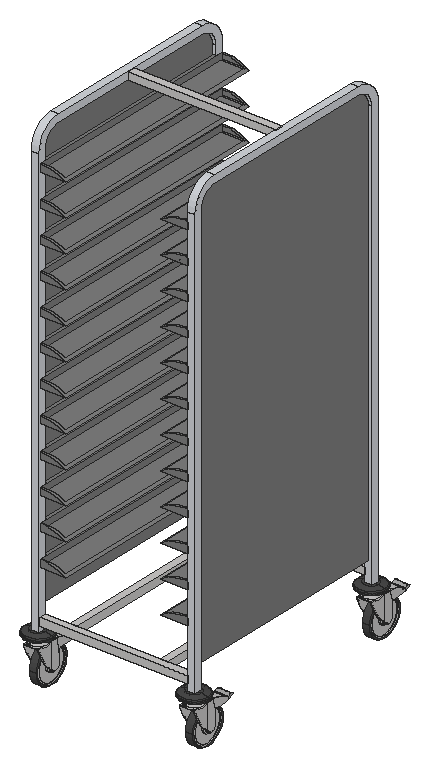
Revit family "QF_BOURGEAT_chariot_cafeteria_dos_a_dos_plateaux_self_gris", category Equipement spécialisé, Revit 2015
Parameters (values of type "chariot_modele_haut_glissieres_grises_avec_2panneaux_gris")
  panneaux_lateraux_gris = yes
  lg [instance] = 548 mm
  URL catalogue = "http://www.bourgeat.fr"
  URL = ""
  Type article = ""
  Spécification du Fabricant = "CHARIOT CAFETERIA"
  Profondeur hors tout = 840 mm
  Poids net à vide = 31.00 kg
  Modèle = "785906"
  Longueur hors tout = 620 mm
  Hauteur hors tout = 1700 mm
  Fabricant = "BOURGEAT"
  Contact SAV = "0033(0)4.76.32.14.44"
  Charge max = 60.00 kg
Types (3, lengths in mm): name | panneaux_lateraux_gris | Poids net à vide | Modèle
  (no name) | yes | 31.00 kg | "785906"
  chariot_modele_haut_glissieres_grise_sans_panneaux | no | 22.50 kg | "785406"
  chariot_modele_haut_glissieres_grises_avec_2panneaux_gris | yes | 31.00 kg | "785906"
Reference planes
  plane 1 "Centre (avant/arrière)": y = 0
  plane 2: z = 0
  plane 3 "Centre (gauche/droite)": x = 0
  plane 4: z = 227.8
  plane 5: z = 182
  plane 6: z = 202.8
  plane 7: y = 12.5
  plane 8: y = -12.5
  plane 9: x = 274
  plane 10: x = -274
  plane 11: z = 1570
  plane 12: z = 1462
  plane 13: z = 1354
  plane 14: z = 1246
  plane 15: z = 1138
  plane 16: z = 1030
  plane 17: z = 922
  plane 18: z = 814
  plane 19: z = 706
  plane 20: z = 598
  plane 21: z = 490
  plane 22: z = 382
  plane 23: z = 1674
  plane 24: y = -371
  plane 25: y = 371
  plane 26: y = 152
  plane 27: y = -358.5
  plane 28: y = -383.5
  plane 29: x = -249
  plane 30: x = 249
Forms (mm)
  Extrusion 1, solid, material "Acier inoxydable, brossé"
    sketch origin (0, 109.5, 0) x (0, 1, 0) y (0, 0, 1)
      loop
        line (-493, 227.8) -> (-493, 202.8) -> (-468, 202.8) -> (-468, 227.8) -> (-493, 227.8)
      loop
        line (249, 202.8) -> (274, 202.8) -> (274, 227.8) -> (249, 227.8) -> (249, 202.8)
    from -249 to 249
  Extrusion 2, solid, material "Acier inoxydable, brossé"
    sketch origin (0, 0, 0) x (0, 1, 0) y (0, 0, 1)
      loop
        line (-12.5, 1703) -> (-12.5, 1678) -> (12.5, 1678) -> (12.5, 1703) -> (-12.5, 1703)
    from -249 to 249
  Extrusion 3, solid, material "Acier inoxydable, brossé"
    sketch origin (-25, 0, 0) x (1, 0, 0) y (0, 0, 1)
      loop
        line (-139.5, 202.8) -> (-114.5, 202.8) -> (-114.5, 227.8) -> (-139.5, 227.8) -> (-139.5, 202.8)
      loop
        line (164.5, 227.8) -> (164.5, 202.8) -> (189.5, 202.8) -> (189.5, 227.8) -> (164.5, 227.8)
    from -358.5 to 358.5
Dimensions and locks
  plane 4 to plane 6 = 25 mm
  Extrusion 2 to plane 2 = 1703 mm
  plane 4 to plane 2 = 227.8 mm
  Extrusion 2 to plane 4 = 1475.2 mm
  plane 10 to plane 3 "Centre (gauche/droite)" = 274 mm  (x2)
  equal spacing: group 1, group 2, group 3, group 4, group 5, group 6, group 7, group 8, group 9, group 10, group 11, group 12  (x2)
  equal spacing: group 12, group 11, group 10, group 9, group 8, group 7, group 6, group 5, group 4, group 3, group 2, group 1
  plane 3 "Centre (gauche/droite)" to plane 9 = 274 mm
  aligned and locked: level to plane 2
  aligned and locked: plane 6 to Extrusion 1 sketch curve
  aligned and locked: Extrusion 1 sketch curve to plane 6
  aligned and locked: Extrusion 2 sketch curve to plane 8
  aligned and locked: Extrusion 2 sketch curve to plane 7
  aligned and locked: plane 5 to nested 5
  aligned and locked: plane 5 to nested 6
  aligned and locked: plane 9 to nested 6
  aligned and locked: plane 10 to nested 5
  aligned and locked: nested 2 to nested 5
  aligned and locked: nested 1 to nested 5
  aligned and locked: nested 3 to nested 6
  aligned and locked: nested 4 to nested 6
  aligned and locked: Extrusion 3 sketch curve to plane 4
  aligned and locked: plane 4 to Extrusion 3 sketch curve
  aligned and locked: Extrusion 3 sketch curve to plane 6
  aligned and locked: Extrusion 1 sketch curve to plane 4
  aligned and locked: plane 24 to nested 3
  aligned and locked: plane 24 to nested 2
  aligned and locked: nested 1 to plane 25
  aligned and locked: plane 25 to nested 4
  aligned and locked: Extrusion 1 to nested 5  (x2)
  aligned and locked: Extrusion 3 to Extrusion 1  (x2)
  aligned and locked: plane 11 to nested 7
  aligned and locked: nested 7 to plane 29
  aligned and locked: nested 8 to plane 29
  aligned and locked: nested 9 to plane 29
  aligned and locked: nested 10 to plane 29
  aligned and locked: nested 11 to plane 29
  aligned and locked: nested 31 to plane 1 "Centre (avant/arrière)"
  aligned and locked: nested 32 to plane 1 "Centre (avant/arrière)"
  aligned and locked: nested 31 to nested 7
  aligned and locked: nested 19 to nested 32
  aligned and locked: plane 23 to nested 32
  aligned and locked: plane 23 to nested 31
  aligned and locked: plane 30 to nested 19
  aligned and locked: plane 30 to nested 20
  aligned and locked: plane 30 to nested 21
  aligned and locked: plane 30 to nested 22
  aligned and locked: plane 30 to nested 23
  aligned and locked: plane 30 to nested 24
  aligned and locked: plane 30 to nested 6
  aligned and locked: plane 29 to nested 5
  aligned and locked: Extrusion 2 to nested 5
  aligned and locked: nested 6 to Extrusion 2
Automatic sketch dimensions
  Extrusion 1 sketch curve to plane 28 = 0 mm
  Extrusion 1 sketch curve to plane 27 = 0 mm
  Extrusion 1 sketch curve to plane 4 = 0 mm
  Extrusion 1 sketch curve to plane 25 = 12.5 mm
  plane 25 to Extrusion 1 sketch curve = 12.5 mm
  plane 23 to Extrusion 2 sketch curve = 4 mm
  Extrusion 2 sketch curve to Extrusion 2 sketch curve = 25 mm
  Extrusion 3 sketch curve to plane 6 = 0 mm
  Extrusion 3 sketch curve to plane 9 = 134.5 mm
  Extrusion 3 sketch curve to Extrusion 3 sketch curve = 25 mm  (x2)
  Extrusion 3 sketch curve to plane 10 = 134.5 mm
Nested families
  nested 1: "ROULETTE_H182" at (-261.5, 371, 0), type "ROULETTE_H182"
    with Sans frein yes, Avec frein yes
  nested 2: "ROULETTE_H182" at (-261.5, -371, 0), type "ROULETTE_H182"
    with Sans frein yes, Avec frein yes
  nested 3: "ROULETTE_H182" at (261.5, -371, 0), type "ROULETTE_H182"
    with Sans frein yes, Avec frein yes
  nested 4: "ROULETTE_H182" at (261.5, 371, 0), type "ROULETTE_H182"
    with Sans frein yes, Avec frein yes
  nested 5: "montant_U_modele_dos_a_dos" at (-261.5, 0, 182) x (0, 1, 0) z (0, 0, 1), type "montant_U_modele_dos_a_dos"
  nested 6: "montant_U_modele_dos_a_dos" at (261.5, 0, 182) x (0, 1, 0) z (0, 0, 1), type "montant_U_modele_dos_a_dos"
  nested 7: "glissiere_polypropylene_gris_lg763" at (-259, 0, 1565), type "glissiere_polypropylene_gris_lg763"
  nested 8: "glissiere_polypropylene_gris_lg763" at (-259, 0, 1457), type "glissiere_polypropylene_gris_lg763"
  nested 9: "glissiere_polypropylene_gris_lg763" at (-259, 0, 1349), type "glissiere_polypropylene_gris_lg763"
  nested 10: "glissiere_polypropylene_gris_lg763" at (-259, 0, 1241), type "glissiere_polypropylene_gris_lg763"
  nested 11: "glissiere_polypropylene_gris_lg763" at (-259, 0, 1133), type "glissiere_polypropylene_gris_lg763"
  nested 12: "glissiere_polypropylene_gris_lg763" at (-259, 0, 1025), type "glissiere_polypropylene_gris_lg763"
  nested 13: "glissiere_polypropylene_gris_lg763" at (-259, 0, 917), type "glissiere_polypropylene_gris_lg763"
  nested 14: "glissiere_polypropylene_gris_lg763" at (-259, 0, 809), type "glissiere_polypropylene_gris_lg763"
  nested 15: "glissiere_polypropylene_gris_lg763" at (-259, 0, 701), type "glissiere_polypropylene_gris_lg763"
  nested 16: "glissiere_polypropylene_gris_lg763" at (-259, 0, 593), type "glissiere_polypropylene_gris_lg763"
  nested 17: "glissiere_polypropylene_gris_lg763" at (-259, 0, 485), type "glissiere_polypropylene_gris_lg763"
  nested 18: "glissiere_polypropylene_gris_lg763" at (-259, 0, 377), type "glissiere_polypropylene_gris_lg763"
  nested 19: "glissiere_polypropylene_gris_lg763" at (259, 0, 1565) x (-1, 0, 0) z (0, 0, 1), type "glissiere_polypropylene_gris_lg763"
  nested 20: "glissiere_polypropylene_gris_lg763" at (259, 0, 1457) x (-1, 0, 0) z (0, 0, 1), type "glissiere_polypropylene_gris_lg763"
  nested 21: "glissiere_polypropylene_gris_lg763" at (259, 0, 1349) x (-1, 0, 0) z (0, 0, 1), type "glissiere_polypropylene_gris_lg763"
  nested 22: "glissiere_polypropylene_gris_lg763" at (259, 0, 1241) x (-1, 0, 0) z (0, 0, 1), type "glissiere_polypropylene_gris_lg763"
  nested 23: "glissiere_polypropylene_gris_lg763" at (259, 0, 1133) x (-1, 0, 0) z (0, 0, 1), type "glissiere_polypropylene_gris_lg763"
  nested 24: "glissiere_polypropylene_gris_lg763" at (259, 0, 1025) x (-1, 0, 0) z (0, 0, 1), type "glissiere_polypropylene_gris_lg763"
  nested 25: "glissiere_polypropylene_gris_lg763" at (259, 0, 917) x (-1, 0, 0) z (0, 0, 1), type "glissiere_polypropylene_gris_lg763"
  nested 26: "glissiere_polypropylene_gris_lg763" at (259, 0, 809) x (-1, 0, 0) z (0, 0, 1), type "glissiere_polypropylene_gris_lg763"
  nested 27: "glissiere_polypropylene_gris_lg763" at (259, 0, 701) x (-1, 0, 0) z (0, 0, 1), type "glissiere_polypropylene_gris_lg763"
  nested 28: "glissiere_polypropylene_gris_lg763" at (259, 0, 593) x (-1, 0, 0) z (0, 0, 1), type "glissiere_polypropylene_gris_lg763"
  nested 29: "glissiere_polypropylene_gris_lg763" at (259, 0, 485) x (-1, 0, 0) z (0, 0, 1), type "glissiere_polypropylene_gris_lg763"
  nested 30: "glissiere_polypropylene_gris_lg763" at (259, 0, 377) x (-1, 0, 0) z (0, 0, 1), type "glissiere_polypropylene_gris_lg763"
  nested 31: "panneaux_lateraux_gris_grand_modele" at (-263, 0, 254) x (0, 1, 0) z (0, 0, 1), type "panneaux_lateraux_gris_grand_modele"
  nested 32: "panneaux_lateraux_gris_grand_modele" at (259, 0, 254) x (0, 1, 0) z (0, 0, 1), type "panneaux_lateraux_gris_grand_modele"
Definition of nested family "ROULETTE_H182"
  Parameters (values of type "ROULETTE_H182")
    Sans frein [instance] = yes
    Avec frein [instance] = yes
  Reference planes
    plane 1 "Centre (avant/arrière)": y = 0
    plane 2: z = 0
    plane 3 "Centre (gauche/droite)": x = 0
    plane 4: y = 40.851
    plane 5: z = 62.5
  Forms (mm)
    Extrusion 1, solid
      sketch origin (0, 0, 0) x (0, 1, 0) y (0, 0, 1)
        loop
          circle (40.851, 62.5) r 62.5
        loop
          circle (40.851, 62.5) r 57.5
      from -12.5 to 12.5
    Revolve 2, solid
      sketch origin (0, 0, 30.333) x (1, 0, 0) y (0, 0, 1)
        loop
          line (0, 151.667) -> (-25, 151.667) -> (-45.338, 146.217)
          arc (-45.338, 146.217) -> (-46.897, 145.175) -> (-47.5, 143.4) r 2.917
          line (-47.5, 143.4) -> (-47.5, 138.833)
          arc (-47.5, 138.833) -> (-47.012, 137.655) -> (-45.833, 137.167) r 1.667
          line (-45.833, 137.167) -> (-24.607, 137.167) -> (-24, 132.667) -> (0, 132.667) -> (0, 151.667)
        axis (0, 151.667) -> (0, 132.667)
      angle from 0 to 360
    Revolve 3, solid
      sketch origin (0, 0, 0) x (0, 1, 0) y (0, 0, 1)
        loop
          line (0, 163) -> (-20.149, 163) -> (-20.149, 159.41) -> (-21.6, 159.41)
          arc (-21.6, 159.41) -> (-24.448, 158.65) -> (-26.537, 156.572) r 5.712
          line (-26.537, 156.572) -> (-30.146, 147.743) -> (-26.999, 147.062) -> (-26.999, 146.112)
          arc (-26.999, 146.112) -> (-27.23, 145.314) -> (-27.849, 144.761) r 1.5
          arc (-27.849, 144.761) -> (-29.223, 143.633) -> (-29.923, 142) r 3.75
          line (-29.923, 142) -> (0, 142) -> (0, 163)
        axis (0, 163) -> (0, 142)
      angle from 0 to 360
    Extrusion 4, solid
      sketch origin (0, 0, 0) x (0, 1, 0) y (0, 0, -1)
        loop
          line (-29.974, -138.241) -> (-29.974, -142) -> (21.747, -142) -> (21.747, -60.336)
          arc (21.747, -60.336) -> (10.272, -70.702) -> (-0.149, -82.127) r 160.057
          arc (-0.149, -82.127) -> (-17.883, -108.684) -> (-29.974, -138.241) r 159.585
      from -24.913 to -23.038
    Extrusion 5, solid
      sketch origin (0, 0, 0) x (0, 1, 0) y (0, 0, 1)
        loop
          line (-29.974, 142) -> (-29.974, 140.869) -> (21.747, 140.869) -> (21.747, 142) -> (-29.974, 142)
      from -23.038 to 23.038
    Extrusion 6, solid
      sketch origin (0, 0, 0) x (0, 1, 0) y (0, 0, 1)
        loop
          circle (40.851, 62.5) r 57.5
        loop
          circle (40.851, 62.5) r 55
      from -12.5 to 12.5
    Extrusion 7, solid
      sketch origin (0, 0, 0) x (0, 1, 0) y (0, 0, 1)
        loop
          circle (40.851, 62.5) r 55
      from -7 to 7
    Extrusion 8, solid
      sketch origin (0, 0, 0) x (0, 1, 0) y (0, 0, 1)
        loop
          circle (40.851, 62.5) r 21
      from 7 to 15
    Extrusion 9, solid
      sketch origin (0, 0, 0) x (0, 1, 0) y (0, 0, -1)
        loop
          circle (40.851, -62.5) r 16
      from -23.038 to -15
    Extrusion 10, solid, visible <- "Sans frein"
      sketch origin (0, 0, 0) x (0, 1, 0) y (0, 0, 1)
        loop
          arc (21.747, 60.336) -> (23.188, 59.17) -> (24.642, 58.02) r 161.23
          arc (24.642, 58.02) -> (29.34, 54.513) -> (34.187, 51.216) r 133.333
          arc (34.187, 51.216) -> (46.517, 50.3) -> (53.927, 60.198) r 12.867
          arc (53.927, 60.198) -> (54.714, 99.183) -> (46.119, 137.216) r 161.222
          arc (46.119, 137.216) -> (45.679, 138.887) -> (45.531, 140.609) r 10.076
          line (45.531, 140.609) -> (45.531, 142) -> (21.747, 142) -> (21.747, 60.336)
      from 23.038 to 24.913
    Extrusion 11, solid, visible <- "Sans frein"
      sketch origin (0, 0, 0) x (0, 1, 0) y (0, 0, 1)
        loop
          line (21.747, 142) -> (21.747, 140.701) -> (48.851, 140.701) -> (48.851, 142) -> (21.747, 142)
      from -23.038 to 23.038
    Extrusion 12, solid, visible <- "Avec frein"
      sketch origin (0, 0, 0) x (0, 1, 0) y (0, 0, 1)
        loop
          line (21.747, 142) -> (21.747, 60.336)
          arc (21.747, 60.336) -> (23.177, 59.179) -> (24.62, 58.038) r 160.008
          arc (24.62, 58.038) -> (29.041, 54.705) -> (33.574, 51.527) r 160
          arc (33.574, 51.527) -> (46.135, 50.422) -> (53.724, 60.491) r 13
          arc (53.724, 60.491) -> (55.279, 82.092) -> (53.902, 103.704) r 160
          arc (53.902, 103.704) -> (55.53, 108.653) -> (60.415, 110.463) r 6
          arc (60.415, 110.463) -> (80.625, 109.924) -> (100.725, 112.107) r 150
          arc (100.725, 112.107) -> (104.408, 113.406) -> (107.479, 115.819) r 12
          line (107.479, 115.819) -> (110.851, 121.523)
          arc (110.851, 121.523) -> (85.913, 134.651) -> (58.706, 142) r 127.902
          line (58.706, 142) -> (21.747, 142)
      from 23.038 to 24.913
    Extrusion 13, solid, visible <- "Avec frein"
      sketch origin (0, 0, 0) x (0, 1, 0) y (0, 0, 1)
        loop
          line (58.706, 142) -> (21.747, 142) -> (21.747, 140) -> (58.552, 140)
          arc (58.552, 140) -> (85.253, 132.762) -> (109.73, 119.866) r 125.902
          line (109.73, 119.866) -> (110.851, 121.523)
          arc (110.851, 121.523) -> (85.913, 134.651) -> (58.706, 142) r 127.902
      from -23.038 to 23.038
    Extrusion 14, solid, visible <- "Avec frein"
      sketch origin (0, 19.896, 18.175) x (0, 1, 0) y (0, 0, 1)
        loop
          line (87.583, 97.644) -> (91.829, 95.227)
          arc (91.829, 95.227) -> (93.8, 95.006) -> (95.312, 96.29) r 2.5
          arc (95.312, 96.29) -> (103.495, 100.002) -> (111.176, 104.666) r 74.999
          line (111.176, 104.666) -> (110.852, 105.929)
          arc (110.852, 105.929) -> (110.04, 107.086) -> (108.666, 107.417) r 2
          arc (108.666, 107.417) -> (101.396, 105.849) -> (94.512, 103.034) r 42.354
          line (94.512, 103.034) -> (93.479, 101.228) -> (93.285, 100.414) -> (91.69, 101.675) -> (90.401, 102.412) -> (87.583, 97.644)
      from -23.038 to 23.038
    Extrusion 15, solid, not visible
      sketch origin (0, 0, 0) x (0, 1, 0) y (0, 0, -1)
        loop
          line (-29.974, -138.241) -> (-29.974, -142) -> (21.747, -142) -> (21.747, -60.336)
          arc (21.747, -60.336) -> (10.272, -70.702) -> (-0.149, -82.127) r 160.057
          arc (-0.149, -82.127) -> (-17.883, -108.684) -> (-29.974, -138.241) r 159.585
      from -24.913 to -23.038
    Extrusion 16, solid, not visible
      sketch origin (0, 0, 0) x (0, 1, 0) y (0, 0, 1)
        loop
          circle (40.851, 62.5) r 21
      from 7 to 15
    Extrusion 17, solid, not visible
      sketch origin (0, 0, 0) x (0, 1, 0) y (0, 0, -1)
        loop
          circle (40.851, -62.5) r 16
      from -23.038 to -15
    Extrusion 18, solid, visible <- "Sans frein", not visible
      sketch origin (0, 0, 0) x (0, 1, 0) y (0, 0, 1)
        loop
          arc (21.747, 60.336) -> (23.188, 59.17) -> (24.642, 58.02) r 161.23
          arc (24.642, 58.02) -> (29.34, 54.513) -> (34.187, 51.216) r 133.333
          arc (34.187, 51.216) -> (46.517, 50.3) -> (53.927, 60.198) r 12.867
          arc (53.927, 60.198) -> (54.714, 99.183) -> (46.119, 137.216) r 161.222
          arc (46.119, 137.216) -> (45.679, 138.887) -> (45.531, 140.609) r 10.076
          line (45.531, 140.609) -> (45.531, 142) -> (21.747, 142) -> (21.747, 60.336)
      from 23.038 to 24.913
    Extrusion 19, solid, visible <- "Avec frein", not visible
      sketch origin (0, 0, 0) x (0, 1, 0) y (0, 0, 1)
        loop
          line (21.747, 142) -> (21.747, 60.336)
          arc (21.747, 60.336) -> (23.177, 59.179) -> (24.62, 58.038) r 160.008
          arc (24.62, 58.038) -> (29.041, 54.705) -> (33.574, 51.527) r 160
          arc (33.574, 51.527) -> (46.135, 50.422) -> (53.724, 60.491) r 13
          arc (53.724, 60.491) -> (55.279, 82.092) -> (53.902, 103.704) r 160
          arc (53.902, 103.704) -> (55.53, 108.653) -> (60.415, 110.463) r 6
          arc (60.415, 110.463) -> (80.625, 109.924) -> (100.725, 112.107) r 150
          arc (100.725, 112.107) -> (104.408, 113.406) -> (107.479, 115.819) r 12
          line (107.479, 115.819) -> (110.851, 121.523)
          arc (110.851, 121.523) -> (85.913, 134.651) -> (58.706, 142) r 127.902
          line (58.706, 142) -> (21.747, 142)
      from 23.038 to 24.913
    Extrusion 20, solid
      sketch origin (0, 0, 0) x (0, -1, 0) y (0, 0, -1)
        loop
          arc (29.974, -138.241) -> (17.883, -108.684) -> (0.149, -82.127) r 159.585
          arc (0.149, -82.127) -> (-10.272, -70.702) -> (-21.747, -60.336) r 160.057
          line (-21.747, -60.336) -> (-21.747, -142) -> (29.974, -142) -> (29.974, -138.241)
      from -24.913 to -23.038
    Extrusion 21, solid
      sketch origin (0, 0, 0) x (0, -1, 0) y (0, 0, 1)
        loop
          circle (-40.851, 62.5) r 21
      from 7 to 15
    Extrusion 22, solid
      sketch origin (0, 0, 0) x (0, -1, 0) y (0, 0, -1)
        loop
          circle (-40.851, -62.5) r 16
      from -23.038 to -15
    Extrusion 23, solid, visible <- "Sans frein"
      sketch origin (0, 0, 0) x (0, -1, 0) y (0, 0, 1)
        loop
          line (-21.747, 60.336) -> (-21.747, 142) -> (-45.531, 142) -> (-45.531, 140.609)
          arc (-45.531, 140.609) -> (-45.679, 138.887) -> (-46.119, 137.216) r 10.076
          arc (-46.119, 137.216) -> (-54.714, 99.183) -> (-53.927, 60.198) r 161.222
          arc (-53.927, 60.198) -> (-46.517, 50.3) -> (-34.187, 51.216) r 12.867
          arc (-34.187, 51.216) -> (-29.34, 54.513) -> (-24.642, 58.02) r 133.333
          arc (-24.642, 58.02) -> (-23.188, 59.17) -> (-21.747, 60.336) r 161.23
      from 23.038 to 24.913
    Extrusion 24, solid, visible <- "Avec frein"
      sketch origin (0, 0, 0) x (0, -1, 0) y (0, 0, 1)
        loop
          line (-21.747, 142) -> (-58.706, 142)
          arc (-58.706, 142) -> (-85.913, 134.651) -> (-110.851, 121.523) r 127.902
          line (-110.851, 121.523) -> (-107.479, 115.819)
          arc (-107.479, 115.819) -> (-104.408, 113.406) -> (-100.725, 112.107) r 12
          arc (-100.725, 112.107) -> (-80.625, 109.924) -> (-60.415, 110.463) r 150
          arc (-60.415, 110.463) -> (-55.53, 108.653) -> (-53.902, 103.704) r 6
          arc (-53.902, 103.704) -> (-55.279, 82.092) -> (-53.724, 60.491) r 160
          arc (-53.724, 60.491) -> (-46.135, 50.422) -> (-33.574, 51.527) r 13
          arc (-33.574, 51.527) -> (-29.041, 54.705) -> (-24.62, 58.038) r 160
          arc (-24.62, 58.038) -> (-23.177, 59.179) -> (-21.747, 60.336) r 160.008
          line (-21.747, 60.336) -> (-21.747, 142)
      from 23.038 to 24.913
  Dimensions and locks
    aligned and locked: level to plane 2
Definition of nested family "montant_U_modele_dos_a_dos"
  Reference planes
    plane 1 "Centre (avant/arrière)": y = 0
    plane 2: z = 0
    plane 3 "Centre (gauche/droite)": x = 0
    plane 4: z = 1508.5
  Forms (mm)
    Sweep 1, solid
      path origin (0, 0, 0) x (1, 0, 0) y (0, 0, 1)
        loop
          line (-371, 0) -> (-371, 1438.5)
          arc (-371, 1438.5) -> (-350.497, 1487.997) -> (-301, 1508.5) r 70
          line (-301, 1508.5) -> (301, 1508.5)
          arc (301, 1508.5) -> (350.497, 1487.997) -> (371, 1438.5) r 70
          line (371, 1438.5) -> (371, 0)
      profile origin (-371, 0, 719.25) x (-1, 0, 0) y (0, -1, 0)
        loop
          line (-12.5, -12.5) -> (12.5, -12.5) -> (12.5, 12.5) -> (-12.5, 12.5) -> (-12.5, -12.5)
  Dimensions and locks
    plane 4 to plane 2 = 1508.5 mm
    Sweep 1 to Sweep 1 = 767 mm
    Sweep 1 sketch curve to plane 3 "Centre (gauche/droite)" to Sweep 1 sketch curve = 371 mm, 371 mm
    aligned and locked: level to plane 2
Definition of nested family "glissiere_polypropylene_gris_lg763"
  Reference planes
    plane 1 "Centre (avant/arrière)": y = 0
    plane 2: z = 0
    plane 3 "Centre (gauche/droite)": x = 0
    plane 4: z = 25
    plane 5: x = 100
    plane 6: x = 22
    plane 7: y = 381.5
    plane 8: y = -381.5
    plane 9: x = 15
    plane 10: y = -376.5
    plane 11: z = 5
    plane 12: y = 376.5
    plane 13: y = 356.5
    plane 14: y = -356.5
    plane 15: x = 10
  Forms (mm)
    Extrusion 1, solid
      sketch origin (0, 0, 0) x (1, 0, 0) y (0, 0, 1)
        loop
          line (0, 25) -> (0, 0) -> (100, 0)
          arc (100, 0) -> (62.954, 18.597) -> (22, 25) r 134.18
          line (22, 25) -> (0, 25)
      from -381.5 to 381.5
    Extrusion 2, void
      sketch origin (0, 0, 0) x (0, 1, 0) y (0, 0, 1)
        loop
          line (-373, 5) -> (373, 5)
          arc (373, 5) -> (375.475, 6.025) -> (376.5, 8.5) r 3.5
          line (376.5, 8.5) -> (376.5, 43.902) -> (-376.5, 43.902) -> (-376.5, 8.5)
          arc (-376.5, 8.5) -> (-375.475, 6.025) -> (-373, 5) r 3.5
      from 15 to 250
    Extrusion 3, void
      sketch origin (0, 0, 0) x (1, 0, 0) y (0, 1, 0)
        loop
          line (10, 356.5) -> (10, 416.378) -> (-26.988, 416.378) -> (-26.988, 356.5) -> (10, 356.5)
        loop
          line (10, -356.5) -> (-17.716, -356.5) -> (-17.716, -427.759) -> (10, -427.759) -> (10, -356.5)
      from -29.595 to 250
  Cuts and joins
    Extrusion 2, Extrusion 3 cuts Extrusion 1
  Dimensions and locks
    plane 7 to plane 1 "Centre (avant/arrière)" to plane 8 = 381.5 mm locked, 381.5 mm locked
    plane 7 to plane 12 = 5 mm
    plane 7 to plane 13 = 25 mm
    plane 8 to plane 10 = 5 mm
    plane 8 to plane 14 = 25 mm
    aligned and locked: level to plane 2
    aligned and locked: Extrusion 1 sketch curve to plane 3 "Centre (gauche/droite)"
    aligned and locked: Extrusion 1 sketch curve to plane 2
    aligned and locked: Extrusion 1 sketch curve to plane 4
    aligned and locked: plane 7 to Extrusion 1
    aligned and locked: plane 8 to Extrusion 1
    aligned and locked: Extrusion 2 sketch curve to plane 11
    aligned and locked: Extrusion 2 sketch curve to plane 10
    aligned and locked: plane 12 to Extrusion 2 sketch curve
    aligned and locked: Extrusion 2 to plane 9
    aligned and locked: plane 13 to Extrusion 3 sketch curve
    aligned and locked: Extrusion 3 sketch curve to plane 15  (x2)
    aligned and locked: plane 14 to Extrusion 3 sketch curve
Definition of nested family "panneaux_lateraux_gris_grand_modele"
  Reference planes
    plane 1 "Centre (avant/arrière)": y = 0
    plane 2: z = 0
    plane 3 "Centre (gauche/droite)": x = 0
    plane 4: x = -354
    plane 5: x = 354
    plane 6: z = 1420
    plane 7: y = -4
  Forms (mm)
    Extrusion 1, solid
      sketch origin (0, 0, 0) x (1, 0, 0) y (0, 0, 1)
        loop
          arc (-301.5, 1420) -> (-338.623, 1404.623) -> (-354, 1367.5) r 52.5
          line (-354, 1367.5) -> (-354, 0) -> (354, 0) -> (354, 1367.5)
          arc (354, 1367.5) -> (338.623, 1404.623) -> (301.5, 1420) r 52.5
          line (301.5, 1420) -> (-301.5, 1420)
      from 0 to 4
  Dimensions and locks
    plane 6 to plane 2 = 1420 mm
    plane 4 to plane 3 "Centre (gauche/droite)" = 354 mm
    plane 5 to plane 3 "Centre (gauche/droite)" = 354 mm
    aligned and locked: level to plane 2
    aligned and locked: Extrusion 1 sketch curve to plane 6
    aligned and locked: Extrusion 1 sketch curve to plane 4
    aligned and locked: plane 2 to Extrusion 1 sketch curve
    aligned and locked: Extrusion 1 sketch curve to plane 5
    aligned and locked: Extrusion 1 to plane 7
